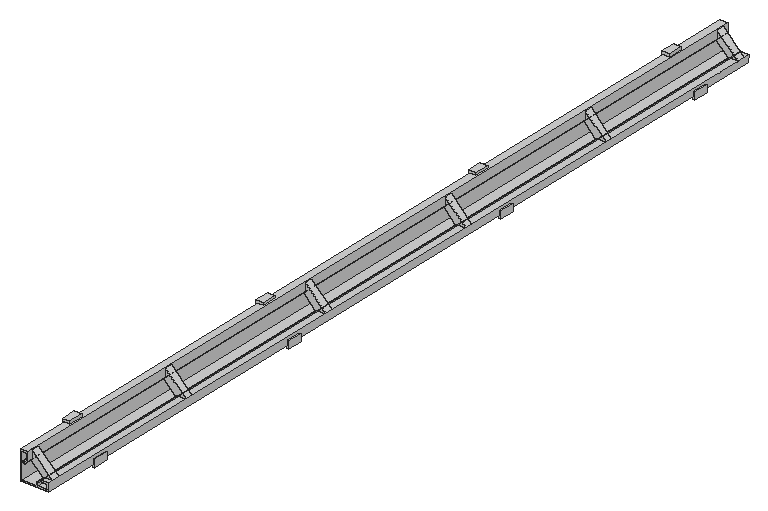
Revit family "LGW_OUTSIDE CORNER LGW 3_1923372", category Generic Models, Revit 2018
Family settings
  Can host rebar = No
  Round Connector Dimension = Use Diameter
  Part Type = Normal
  OmniClass Number = 35.51.14.00
  OmniClass Title = FORMWORK
  Work Plane-Based = Yes
  Always vertical = No
  Cut with Voids When Loaded = No
  Shared = Yes
  Room Calculation Point = No
Parameters
  VERSION = "20190101"  # constant formula
  URL = "www.ulmaconstruction.com/en"
  UNICLASS = ""
  ITEM_CODE = "1923372"
  Manufacturer = "ULMA CONSTRUCTION"  # constant formula
  FILTER [instance] = ""
  Default Elevation = 0.000 mm
  CLASSIFICATION_TITLE = ""
  CLASSIFICATION_NUMBER = ""
Reference planes
  plane 1 "Centro (Frontal/Posterior)": y = 0
  plane 2: z = 0
  plane 3 "Centro (Izquierda/Derecha)": x = 0
  plane 4 "ITEM_HEIGHT": y = 3000
Forms (mm)
  Extrusion 1, solid, material "ULMA ZINC"
    sketch origin (0, 0, 0) x (1, 0, 0) y (0, 0, 1)
      loop
        line (25, 96.5) -> (0, 96.5) -> (0, 0) -> (96.5, 0) -> (96.5, 25) -> (66.5, 25) -> (57.5, 16) -> (57.5, 4) -> (4, 4) -> (4, 57.5) -> (16, 57.5) -> (25, 66.5) -> (25, 96.5)
      loop
        line (4, 60) -> (14.964, 60) -> (22.5, 67.536) -> (22.5, 92.5) -> (4, 92.5) -> (4, 60)
      loop
        line (60, 14.964) -> (60, 4) -> (92.5, 4) -> (92.5, 22.5) -> (67.536, 22.5) -> (60, 14.964)
    from -3000 to 0
  Extrusion 2, solid, material "ULMA ZINC", detail levels fine
    sketch origin (0, 0, 0) x (1, 0, 0) y (0, 0, 1)
      loop
        line (61.145, 25) -> (96.5, 25) -> (25, 96.5) -> (25, 61.145) -> (61.145, 25)
    from -45 to -20
  Extrusion 3, solid, material "ULMA ZINC", detail levels fine
    sketch origin (0, 567.5, 0) x (1, 0, 0) y (0, 0, 1)
      loop
        line (61.145, 25) -> (96.5, 25) -> (25, 96.5) -> (25, 61.145) -> (61.145, 25)
    from -45 to -20
  Extrusion 4, solid, material "ULMA ZINC", detail levels fine
    sketch origin (0, 1047.5, 0) x (1, 0, 0) y (0, 0, 1)
      loop
        line (61.145, 25) -> (96.5, 25) -> (25, 96.5) -> (25, 61.145) -> (61.145, 25)
    from -165 to -140
  Extrusion 5, solid, material "ULMA ZINC", detail levels fine
    sketch origin (0, 1687.5, 0) x (1, 0, 0) y (0, 0, 1)
      loop
        line (61.145, 25) -> (96.5, 25) -> (25, 96.5) -> (25, 61.145) -> (61.145, 25)
    from -125 to -100
  Extrusion 6, solid, material "ULMA ZINC", detail levels fine
    sketch origin (0, 2202.5, 0) x (1, 0, 0) y (0, 0, 1)
      loop
        line (61.145, 25) -> (96.5, 25) -> (25, 96.5) -> (25, 61.145) -> (61.145, 25)
    from -210 to -185
  Extrusion 7, solid, material "ULMA ZINC", detail levels fine
    sketch origin (0, 2782.5, 0) x (1, 0, 0) y (0, 0, 1)
      loop
        line (61.145, 25) -> (96.5, 25) -> (25, 96.5) -> (25, 61.145) -> (61.145, 25)
    from -197.5 to -172.5
  Extrusion 8, solid, material "ULMA ZINC", detail levels fine
    sketch origin (0, 0, 0) x (1, 0, 0) y (0, 0, 1)
      loop
        line (-7, 104.5) -> (-7, 96.5) -> (18, 96.5) -> (18, 104.5) -> (-7, 104.5)
      loop
        line (96.5, 18) -> (96.5, -7) -> (104.5, -7) -> (104.5, 18) -> (96.5, 18)
    from -240 to -190
  Extrusion 9, solid, material "ULMA ZINC", detail levels fine
    sketch origin (0, 830, 0) x (1, 0, 0) y (0, 0, 1)
      loop
        line (-7, 104.5) -> (-7, 96.5) -> (18, 96.5) -> (18, 104.5) -> (-7, 104.5)
      loop
        line (96.5, 18) -> (96.5, -7) -> (104.5, -7) -> (104.5, 18) -> (96.5, 18)
    from -240 to -190
  Extrusion 10, solid, material "ULMA ZINC", detail levels fine
    sketch origin (0, 1740, 0) x (1, 0, 0) y (0, 0, 1)
      loop
        line (-7, 104.5) -> (-7, 96.5) -> (18, 96.5) -> (18, 104.5) -> (-7, 104.5)
      loop
        line (96.5, 18) -> (96.5, -7) -> (104.5, -7) -> (104.5, 18) -> (96.5, 18)
    from -240 to -190
  Extrusion 11, solid, material "ULMA ZINC", detail levels fine
    sketch origin (0, 2570, 0) x (1, 0, 0) y (0, 0, 1)
      loop
        line (-7, 104.5) -> (-7, 96.5) -> (18, 96.5) -> (18, 104.5) -> (-7, 104.5)
      loop
        line (96.5, 18) -> (96.5, -7) -> (104.5, -7) -> (104.5, 18) -> (96.5, 18)
    from -240 to -190
Lines and regions (mm)
  model lines, style "ULMA PANELS", detail levels fine
    curve 1: circle (42, 300, 0) r 10 normal (0, 0, 1)
    curve 2: circle (42, 800, 0) r 10 normal (0, 0, 1)
    curve 3: circle (42, 1500, 0) r 10 normal (0, 0, 1)
    curve 4: circle (42, 2200, 0) r 10 normal (0, 0, 1)
    curve 5: circle (42, 2700, 0) r 10 normal (0, 0, 1)
    curve 6: circle (0, 300, 42) r 10 normal (1, 0, 0)
    curve 7: circle (0, 800, 42) r 10 normal (1, 0, 0)
    curve 8: circle (0, 1500, 42) r 10 normal (1, 0, 0)
    curve 9: circle (0, 2200, 42) r 10 normal (1, 0, 0)
    curve 10: circle (0, 2700, 42) r 10 normal (1, 0, 0)
    curve 11: circle (4, 300, 42) r 10 normal (1, 0, 0)
    curve 12: circle (4, 800, 42) r 10 normal (1, 0, 0)
    curve 13: circle (4, 1500, 42) r 10 normal (1, 0, 0)
    curve 14: circle (4, 2200, 42) r 10 normal (1, 0, 0)
    curve 15: circle (4, 2700, 42) r 10 normal (1, 0, 0)
    curve 16: circle (42, 300, 4) r 10 normal (0, 0, 1)
    curve 17: circle (42, 800, 4) r 10 normal (0, 0, 1)
    curve 18: circle (42, 1500, 4) r 10 normal (0, 0, 1)
    curve 19: circle (42, 2200, 4) r 10 normal (0, 0, 1)
    curve 20: circle (42, 2700, 4) r 10 normal (0, 0, 1)
Dimensions and locks
  aligned and locked: level to plane 2
